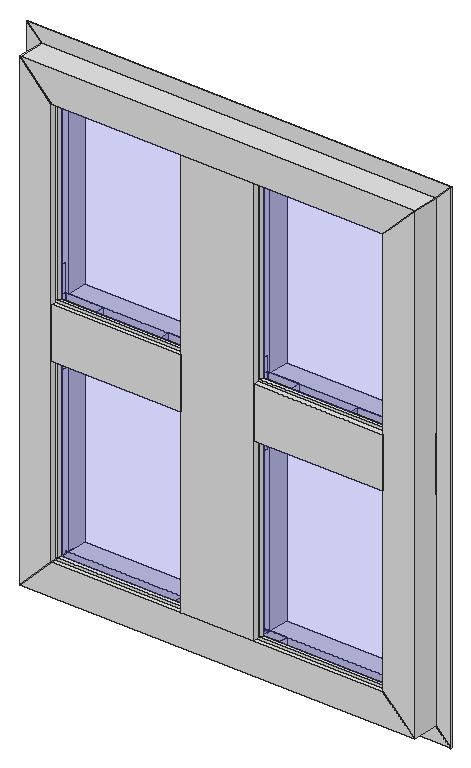
Revit family "511_2P-UT_nailfin", category Windows, host Wall, Revit 2016 (continued)
Types (114): name | MLW | Interior Color | Height | HBS | Exterior Color | Width | VBS
  42x66 | 5 1/4" | none | 66" | 33" | none | 42" | 21"
  42x72 | 5 1/4" | none | 72" | 36" | none | 42" | 21"
  48x24 | 6" | none | 24" | 12" | none | 48" | 24"
  48x30 | 6" | none | 30" | 15" | none | 48" | 24"
  48x36 | 6" | none | 36" | 18" | none | 48" | 24"
  48x42 | 6" | none | 42" | 21" | none | 48" | 24"
  48x54 | 6" | none | 54" | 27" | none | 48" | 24"
  48x60 | 6" | none | 60" | 30" | none | 48" | 24"
  48x66 | 6" | none | 66" | 33" | none | 48" | 24"
  48x72 | 6" | none | 72" | 36" | none | 48" | 24"
  48x78 | 6" | none | 78" | 39" | none | 48" | 24"
  54x24 | 6 3/4" | none | 24" | 12" | none | 54" | 27"
  54x30 | 6 3/4" | none | 30" | 15" | none | 54" | 27"
  54x36 | 6 3/4" | none | 36" | 18" | none | 54" | 27"
  54x42 | 6 3/4" | none | 42" | 21" | none | 54" | 27"
  54x48 | 6 3/4" | none | 48" | 24" | none | 54" | 27"
  54x54 | 6 3/4" | none | 54" | 27" | none | 54" | 27"
  54x60 | 6 3/4" | none | 60" | 30" | none | 54" | 27"
  54x66 | 6 3/4" | none | 66" | 33" | none | 54" | 27"
  54x72 | 6 3/4" | none | 72" | 36" | none | 54" | 27"
  54x78 | 6 3/4" | none | 78" | 39" | none | 54" | 27"
  54x84 | 6 3/4" | none | 84" | 42" | none | 54" | 27"
  60x30 | 7 1/2" | none | 30" | 15" | none | 60" | 30"
  60x36 | 7 1/2" | none | 36" | 18" | none | 60" | 30"
  60x42 | 7 1/2" | none | 42" | 21" | none | 60" | 30"
  60x48 | 7 1/2" | none | 48" | 24" | none | 60" | 30"
  60x54 | 7 1/2" | none | 54" | 27" | none | 60" | 30"
  60x66 | 7 1/2" | none | 66" | 33" | none | 60" | 30"
  60x72 | 7 1/2" | none | 72" | 36" | none | 60" | 30"
  60x78 | 7 1/2" | none | 78" | 39" | none | 60" | 30"
  60x84 | 7 1/2" | none | 84" | 42" | none | 60" | 30"
  60x90 | 7 1/2" | none | 90" | 45" | none | 60" | 30"
  66x36 | 8 1/4" | none | 36" | 18" | none | 66" | 33"
  66x42 | 8 1/4" | none | 42" | 21" | none | 66" | 33"
  66x48 | 8 1/4" | none | 48" | 24" | none | 66" | 33"
  66x54 | 8 1/4" | none | 54" | 27" | none | 66" | 33"
  66x60 | 8 1/4" | none | 60" | 30" | none | 66" | 33"
  66x66 | 8 1/4" | none | 66" | 33" | none | 66" | 33"
  66x72 | 8 1/4" | none | 72" | 36" | none | 66" | 33"
  66x78 | 8 1/4" | none | 78" | 39" | none | 66" | 33"
  66x84 | 8 1/4" | none | 84" | 42" | none | 66" | 33"
  66x90 | 8 1/4" | none | 90" | 45" | none | 66" | 33"
  66x96 | 8 1/4" | none | 90" | 45" | none | 66" | 33"
  72x42 | 9" | none | 42" | 21" | none | 72" | 36"
  72x48 | 9" | none | 48" | 24" | none | 72" | 36"
  72x54 | 9" | none | 54" | 27" | none | 72" | 36"
  72x60 | 9" | none | 60" | 30" | none | 72" | 36"
  72x66 | 9" | none | 66" | 33" | none | 72" | 36"
  72x78 | 9" | none | 78" | 39" | none | 72" | 36"
  72x84 | 9" | none | 84" | 42" | none | 72" | 36"
  72x90 | 9" | none | 90" | 45" | none | 72" | 36"
  72x96 | 9" | none | 96" | 48" | none | 72" | 36"
  78x48 | 9 3/4" | none | 48" | 24" | none | 78" | 39"
  78x54 | 9 3/4" | none | 54" | 27" | none | 78" | 39"
  78x60 | 9 3/4" | none | 60" | 30" | none | 78" | 39"
  78x66 | 9 3/4" | none | 66" | 33" | none | 78" | 39"
  78x72 | 9 3/4" | none | 72" | 36" | none | 78" | 39"
  78x78 | 9 3/4" | none | 78" | 39" | none | 78" | 39"
  78x84 | 9 3/4" | none | 84" | 42" | none | 78" | 39"
  78x90 | 9 3/4" | none | 90" | 45" | none | 78" | 39"
  78x96 | 9 3/4" | none | 96" | 48" | none | 78" | 39"
  84x54 | 10 1/2" | none | 54" | 27" | none | 84" | 42"
  84x60 | 10 1/2" | none | 60" | 30" | none | 84" | 42"
  84x66 | 10 1/2" | none | 66" | 33" | none | 84" | 42"
  84x72 | 10 1/2" | none | 72" | 36" | none | 84" | 42"
  84x78 | 10 1/2" | none | 78" | 39" | none | 84" | 42"
  84x90 | 10 1/2" | none | 90" | 45" | none | 84" | 42"
  84x96 | 10 1/2" | none | 96" | 48" | none | 84" | 42"
  90x60 | 11 1/4" | none | 60" | 30" | none | 90" | 45"
  90x66 | 11 1/4" | none | 66" | 33" | none | 90" | 45"
  90x72 | 11 1/4" | none | 72" | 36" | none | 90" | 45"
  90x78 | 11 1/4" | none | 78" | 39" | none | 90" | 45"
  90x84 | 11 1/4" | none | 84" | 42" | none | 90" | 45"
  90x90 | 11 1/4" | none | 90" | 45" | none | 90" | 45"
  90x96 | 11 1/4" | none | 96" | 48" | none | 90" | 45"
  96x66 | 12" | none | 66" | 33" | none | 96" | 48"
  96x72 | 12" | none | 72" | 36" | none | 96" | 48"
  96x78 | 12" | none | 78" | 39" | none | 96" | 48"
  96x84 | 12" | none | 84" | 42" | none | 96" | 48"
  96x90 | 12" | none | 90" | 45" | none | 96" | 48"
